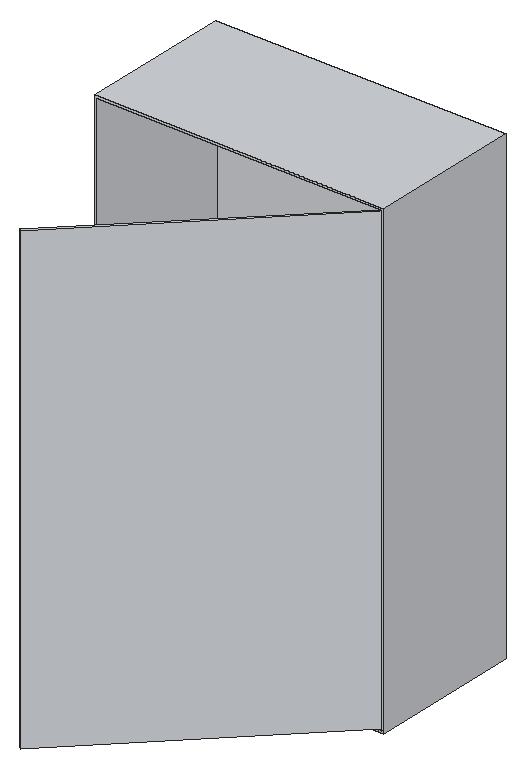
Revit family "Hager-Vector-IP65-vuoto-NoHosted-IT-it", category Electrical Equipment, Revit 2020
Family settings
  Panel Configuration = Two Columns, Circuits Across
  Round Connector Dimension = Use Diameter
  Part Type = Panelboard
  Work Plane-Based = Yes
  Always vertical = Yes
  Cut with Voids When Loaded = No
  Shared = No
  Room Calculation Point = No
Parameters (values of type "A parete IP65 L400 A650 P210 0 Unità di divisione - VP72G")
  Width Control [instance] = if([HG000006 - Ad incasso], if([EF000846 - larghezza di montaggio] > min_whd, [EF000846 - larghezza di montaggio], min_whd), if([EF000008 - Larghezza] > min_whd, ([EF000008 - Larghezza]), min_whd))  # 400 mm
  Void Depth [instance] = if([EF000218 - profondità di incasso] > 1 mm, [EF000218 - profondità di incasso], 1 mm)  # 210 mm
  Type Comments = [HG000003 - Gamma]  # "Vector"
  System Height [instance] = Height Control - 2 * [HG000005 - Spessore]  # 644 mm
  Panel Name [instance] = ""  # (empty or 0)
  Offset [instance] = 0 mm
  Model = [HG000004 - Codice produttore]  # "VP72G"
  Level Offset [instance] = [Flush Mounted - Door Frame Width] + Offset  # 0 mm
  HG000017 - Distanza tra i poli = 18 mm
  HG000016 - Visibilità delle porte nella vista 3D [instance] = yes
  HG000015 - Visibilità attraverso la porta [instance] = no
  HG000014 - Porta destra [instance] = yes
  HG000013 - Porta sinistra [instance] = not([HG000014 - Porta destra])  # no
  HG000012 - Angolo di apertura della porta [instance] = 45.00°
  HG000011 - File vuote nella parte basse = no
  HG000010 - Porte asimmetriche = no
  HG000009 - Porta doppia a battente = no
  HG000008 - Numero di file vuote = 0
  HG000007 - Numero di colonne vuote = 0
  HG000006 - Ad incasso = no
  HG000005 - Spessore = 3 mm  # constant formula
  HG000004 - Codice produttore = "VP72G"
  HG000003 - Gamma = "Vector"
  HG000002 - Con porta = yes
  HG000001 - Numero di colonne = 0
  EF015941 - Segnale di passaggio porta = no
  EF015777 - Morsettiera neutra = no
  EF015776 - Morsettiera di terra = no
  EF009212 - esecuzione coperchio = "EV000116 - chiuso"
  EF006306 - con serratura = yes
  EF006244 - coperchio/porta trasparente = no
  EF005474 - grado di protezione (IP) = "EV006421 - IP65"
  EF004462 - tipo di chiusura = "EV000154 - altri"
  EF002950 - Numero moduli DIN = 0
  EF001596 - Attacco Lampada = "EV000139 - plastica"
  EF001134 - barra DIN = no
  EF001131 - profondità interna = 210 mm
  EF001088 - possibilità di applicazione = yes
  EF001062 - esecuzione EMC = yes
  EF000846 - larghezza di montaggio = 0 mm
  EF000339 - tipo di copertura = "EV004216 - porta"
  EF000332 - Altezza della parte incassata = 0 mm
  EF000266 - numero di file = 0
  EF000218 - profondità di incasso = 210 mm
  EF000118 - con piastra di montaggio = no
  EF000116 - numero RAL = "7035"
  EF000049 - profondità = 210 mm
  EF000040 - Altezza = 650 mm
  EF000008 - Larghezza = 400 mm
  EF000007 - colore = "EV000270 - grigio"
  EF000003 - Tipo di montaggio = "EV000384 - A parete"
  Description = ""
  Default Elevation = 1219.2 mm
  Arrow Offset [instance] = Depth Control / 8  # 26.25 mm
  Arrow Height [instance] = Depth Control - Arrow Offset  # 183.75 mm
  Host Offset [instance] = if([HG000006 - Ad incasso], 0 mm, [EF000049 - profondità])  # 210 mm
  min_whd [instance] = (2 * [HG000005 - Spessore]) + 1 mm  # 7 mm
  Manufacturer = "Hager"  # constant formula
  Height Control [instance] = if([HG000006 - Ad incasso], if([EF000332 - Altezza della parte incassata] > min_whd, [EF000332 - Altezza della parte incassata], min_whd), if([EF000040 - Altezza] > min_whd, ([EF000040 - Altezza]), min_whd))  # 650 mm
  Flush Mounted - Door Frame Width [instance] = if(([EF000040 - Altezza] - [EF000332 - Altezza della parte incassata]) > 0 mm, if([HG000006 - Ad incasso], [EF000040 - Altezza] - [EF000332 - Altezza della parte incassata], 0 mm), 0 mm)  # 0 mm
  Depth Control [instance] = if([HG000006 - Ad incasso], if([EF000218 - profondità di incasso] > 0 mm, [EF000218 - profondità di incasso], 1 mm), if([EF000049 - profondità] > 0 mm, ([EF000049 - profondità]), 1 mm))  # 210 mm
Types (4, lengths in mm): name | Width Control | Void Depth | System Height | Model | HG000004 - Codice produttore | EF001131 - profondità interna | EF000218 - profondità di incasso | EF000118 - con piastra di montaggio | EF000049 - profondità | EF000040 - Altezza | EF000008 - Larghezza | Arrow Offset | Arrow Height | Host Offset | Height Control | Depth Control
  A parete IP65 L250 A350 P160 0 Unità di divisione - VP20G | 250 | 160 | 344 | "VP20G" | "VP20G" | 160 | 160 | yes | 160 | 350 | 250 | 20 | 140 | 160 | 350 | 160
  A parete IP65 L300 A500 P160 0 Unità di divisione - VP36G | 300 | 160 | 494 | "VP36G" | "VP36G" | 160 | 160 | no | 160 | 500 | 300 | 20 | 140 | 160 | 500 | 160
  A parete IP65 L400 A500 P210 0 Unità di divisione - VP54G | 400 | 210 | 494 | "VP54G" | "VP54G" | 210 | 210 | no | 210 | 500 | 400 | 26.25 | 183.75 | 210 | 500 | 210
  A parete IP65 L400 A650 P210 0 Unità di divisione - VP72G | 400 | 210 | 644 | "VP72G" | "VP72G" | 210 | 210 | no | 210 | 650 | 400 | 26.25 | 183.75 | 210 | 650 | 210
Reference planes
  plane 1 "Center (Front/Back)": y = 0
  plane 2: z = 0
  plane 3 "Center (Left/Right)": x = 0
  plane 4: y = 3
  plane 5: y = 0
  plane 6: y = 0
  plane 7: z = 0
  plane 8: x = -200
  plane 9: x = 200
  plane 10: x = 197
  plane 11: x = -197
  plane 12: z = 0
  plane 13: z = 3
  plane 14: y = -205
  plane 15: y = -210
  plane 16: y = -3
  plane 17: z = 647
  plane 18: z = 650
  plane 19: z = 325
  plane 20: x = 0
  plane 21: y = -100
Forms (mm)
  Extrusion 1, solid
    sketch origin (-208.679, -4572, 0) x (-1, 0, 0) y (0, -1, 0)
      loop
        line (-8.679, -4362) -> (-408.679, -4362) -> (-408.679, -4572) -> (-8.679, -4572) -> (-8.679, -4362)
    from 0 to 650 <- "Height Control"
  Extrusion 2, void
    sketch origin (-350.771, -210, 1219.2) x (1, 0, 0) y (0, 0, 1)
      loop
        line (153.771, -572.2) -> (153.771, -1216.2) -> (547.771, -1216.2) -> (547.771, -572.2) -> (153.771, -572.2)
    from 0 to -207
  Extrusion 3, solid, detail levels coarse+medium
    sketch origin (-350.771, -210, 1219.2) x (-1, 0, 0) y (0, 0, 1)
      loop
        line (-153.771, -572.2) -> (-547.771, -572.2) -> (-547.771, -1216.2) -> (-153.771, -1216.2) -> (-153.771, -572.2)
    from 0 to 3 <- "HG000005 - Spessore"
Cuts and joins
  Extrusion 2 cuts Extrusion 1
Dimensions and locks
  "Flush Mounted - Door Frame Width": plane 1 "Center (Front/Back)" to plane 6
  "HG000005 - Spessore": plane 4 to plane 6
  "HG000005 - Spessore": plane 8 to plane 11
  "HG000005 - Spessore": plane 9 to plane 10
  equal spacing: plane 8, plane 3 "Center (Left/Right)", plane 9
  "Width Control": plane 8 to plane 9
  locked: plane 14 to plane 15 at 5
  "Host Offset": plane 1 "Center (Front/Back)" to plane 15
  "Depth Control": plane 5 to plane 15
  "HG000005 - Spessore": plane 5 to plane 16
  "HG000005 - Spessore": plane 13 to plane 12
  "Level Offset": plane 12 to level
  "HG000005 - Spessore": plane 18 to plane 17
  "Height Control": plane 18 to plane 12
  "Arrow Offset": plane 5 to nested 4
  equal spacing: plane 18, plane 19, plane 12
  locked: connector elem to plane 19
  locked: connector elem to plane 3 "Center (Left/Right)"
  aligned and locked: nested 1 to plane 14
  aligned and locked: plane 3 "Center (Left/Right)" to nested 1
  aligned and locked: plane 3 "Center (Left/Right)" to nested 2
  aligned and locked: nested 2 to plane 15
  aligned and locked: plane 5 to Extrusion 1
  aligned and locked: Extrusion 3 sketch curve to plane 17
  aligned and locked: Extrusion 3 sketch curve to plane 11
  aligned and locked: plane 13 to Extrusion 3 sketch curve
  aligned and locked: Extrusion 3 sketch curve to plane 10
  aligned and locked: plane 13 to Extrusion 2 sketch curve
  aligned and locked: Extrusion 2 sketch curve to plane 10
  aligned and locked: Extrusion 2 sketch curve to plane 17
  aligned and locked: Extrusion 2 sketch curve to plane 11
  aligned and locked: plane 16 to Extrusion 2
  aligned and locked: plane 5 to Extrusion 1 sketch curve
  aligned and locked: plane 9 to Extrusion 1 sketch curve
  aligned and locked: plane 8 to Extrusion 1 sketch curve
  aligned and locked: plane 8 to nested 4
  aligned and locked: plane 8 to nested 3
  aligned and locked: nested 3 to plane 5
  aligned and locked: Extrusion 1 sketch curve to plane 15
  aligned and locked: Extrusion 2 to plane 15
Nested families
  nested 1: "Hager_Enclosure_System" at (0, -205, 3), Flush_Mounted <- "HG000006 - Ad incasso", Width <- "EF000008 - Larghezza", Height <- "System Height", Width_Control <- "Width Control", Row_Module_Multiplicator <- "EF002950 - Numero moduli DIN", Empty_Columns <- "HG000007 - Numero di colonne vuote", Built-in_Width <- "EF000846 - larghezza di montaggio", Border <- "HG000005 - Spessore", Total_No_Empty_Rows <- "HG000008 - Numero di file vuote", Depth <- "HG000005 - Spessore", Empty_Rows_From_Bottom <- "HG000011 - File vuote nella parte basse", Distance_Between_Poles <- "HG000017 - Distanza tra i poli", Rows_Count <- "EF000266 - numero di file", Columns_Count <- "HG000001 - Numero di colonne", type "Hager_Enclosure_System", detail levels medium+fine
    with Width_Control 400 mm, Width 400 mm, Total_No_Rows 0, Total_No_Empty_Rows 0, Total_No_Columns 1, System_Width 394 mm, Rows_Count 0, Rows_Column 0, Row_Module_Multiplicator 0, Panel_4 no, Panel_3 no, Panel_2 no, Panel_1 no, No_Panels_Ctrl 1, Hide_Columns yes, Height 644 mm, Flush_Mounted no, Empty_Rows_From_Bottom no, Empty_Rows_Column 0, Empty_Columns 0, Distance_Between_Poles 18 mm, Depth 3 mm, Columns_Count 0, Column_Width 394 mm, Built-in_Width 0 mm, Border 3 mm
  nested 2: "Hager_Enclosure_Door" at (0, -210, 0), Double <- "HG000009 - Porta doppia a battente", Height_Ctrl <- "Height Control", Transparent <- "EF006244 - coperchio/porta trasparente", Depth <- "EF000049 - profondità", Height <- "EF000040 - Altezza", Angle <- "HG000012 - Angolo di apertura della porta", Door_Right <- "HG000014 - Porta destra", Assymetrical <- "HG000010 - Porte asimmetriche", Flush_Mounted <- "HG000006 - Ad incasso", BuiltIn_Depth <- "EF000218 - profondità di incasso", BuiltIn_Width <- "EF000846 - larghezza di montaggio", Door <- "HG000002 - Con porta", Width_Ctrl <- "Width Control", 3d_Door <- "HG000016 - Visibilità delle porte nella vista 3D", Width <- "EF000008 - Larghezza", Border <- "HG000005 - Spessore", BuiltIn_Height <- "EF000332 - Altezza della parte incassata", Clearance <- "HG000015 - Visibilità attraverso la porta", Door_Left <- "HG000013 - Porta sinistra", type "Hager_Enclosure_Door", detail levels medium+fine
    with min_wh 7 mm, Width_Ctrl 400 mm, Width 400 mm, Transparent_Door_No_Bottom_Border no, Transparent no, Leaf_Width 391 mm, Leaf_Tolerance 1.5 mm, Leaf_Height 641 mm, Leaf_2_Width 391 mm, Leaf_2_Offset 195.5 mm, Leaf_1_Width 391 mm, Leaf_1_Offset 195.5 mm, Height_Ctrl 650 mm, Height 650 mm, Frame_Width_Ctrl 400 mm, Frame_Width 400 mm, Frame_Internal_Offset 0 mm, Frame_Height_Ctrl 650 mm, Frame_Height 650 mm, Frame_Depth_Ctrl 1 mm, Frame_Depth 0 mm, Flush_Mounted no, Double_Clearance_Ctrl no, Double no, Door_Right_Ctrl yes, Door_Right yes, Door_Left_Ctrl no, Door_Left no, Door yes, Depth 210 mm, Clearance_Depth 391 mm, Clearance_Ctrl no, Clearance no, BuiltIn_Width 0 mm, BuiltIn_Height 0 mm, BuiltIn_Depth 210 mm, Border 3 mm, Assymetrical no, Angle 45.00°, 3d_Door yes
  nested 3: "Hager_Enclosure_Symbol_Triangle" at (-200, 0, 0), Depth <- "Depth Control", Width <- "Width Control", type "Hager_Enclosure_Symbol_Triangle"
    with Width_Ctrl 400 mm, Width 400 mm, Depth_Ctrl 210 mm, Depth 210 mm
  nested 4: "Hager_Enclosure_Symbol_Arrow" at (-200, -26.25, 0), Height <- "Arrow Height", type "Hager_Enclosure_Symbol_Arrow"
    with Width_Inside 13.781 mm, Width 165.375 mm, Height_Ctrl 183.75 mm, Height 183.75 mm
Connectors
  electrical at (0, 0, 325)
    settings: on plane 5, index 1, voltage 0 V, apparent load 0 VA, apparent load phase1 0 VA, apparent load phase2 0 VA, apparent load phase3 0 VA, power factor 1, load classification "Other", number of poles 1, system type 30, power factor state 1, is connector primary yes, connector utility no, sub classification motor no, connector description ""
Definition of nested family "Hager_Enclosure_Door"
  Parameters (values of type "Hager_Enclosure_Door")
    min_wh [instance] = (2 * Border) + 1 mm  # 11 mm
    Width_Ctrl [instance] = 400 mm
    Width [instance] = 500 mm
    Transparent_Door_No_Bottom_Border [instance] = no
    Transparent [instance] = yes
    Leaf_Width [instance] = if((Width_Ctrl - 2 * Border - 2 * Leaf_Tolerance) > 0 mm, (Width_Ctrl - 2 * Border - 2 * Leaf_Tolerance), min_wh)  # 387 mm
    Leaf_Tolerance [instance] = 1.5 mm  # constant formula
    Leaf_Height [instance] = if((Height_Ctrl - 2 * Border - 2 * Leaf_Tolerance) > 0 mm, (Height_Ctrl - 2 * Border - 2 * Leaf_Tolerance), min_wh)  # 387 mm
    Leaf_2_Width [instance] = if(and(and(Double, Assymetrical), Door_Left), (Leaf_Width / 3) - (Leaf_Tolerance / 2), if(and(and(Double, Assymetrical), Door_Right), (Leaf_Width / 3) * 2 - (Leaf_Tolerance / 2), if(and(Double, not(Assymetrical)), (Leaf_Width / 2) - Leaf_Tolerance, Leaf_Width)))  # 387 mm
    Leaf_2_Offset [instance] = if(and(Double, Assymetrical), Leaf_2_Width / 2, if(and(Double, not(Assymetrical)), Leaf_Width / 4, Leaf_Width / 2))  # 193.5 mm
    Leaf_1_Width [instance] = if(and(and(Double, Assymetrical), Door_Right), (Leaf_Width / 3) - (Leaf_Tolerance / 2), if(and(and(Double, Assymetrical), Door_Left), (Width / 3) * 2 - (Leaf_Tolerance / 2), if(and(Double, not(Assymetrical)), (Leaf_Width / 2) - Leaf_Tolerance, Leaf_Width)))  # 387 mm
    Leaf_1_Offset [instance] = if(and(Double, Assymetrical), Leaf_1_Width / 2, if(and(Double, not(Assymetrical)), Leaf_Width / 4, Leaf_Width / 2))  # 193.5 mm
    Height_Ctrl [instance] = 400 mm
    Height [instance] = 500 mm
    Frame_Width_Ctrl [instance] = if(Frame_Width > 0 mm, Frame_Width, 1 mm)  # 1 mm
    Frame_Width [instance] = Width - BuiltIn_Width  # 0 mm
    Frame_Internal_Offset [instance] = if(Flush_Mounted, Border, 0 mm)  # 5 mm
    Frame_Height_Ctrl [instance] = if(Frame_Height > 0 mm, Frame_Height, 1 mm)  # 1 mm
    Frame_Height [instance] = Height - BuiltIn_Height  # 0 mm
    Frame_Depth_Ctrl [instance] = if(Frame_Depth > 0 mm, Frame_Depth, 1 mm)  # 1 mm
    Frame_Depth [instance] = if(Depth - BuiltIn_Depth > 0 mm, if(Flush_Mounted, Depth - BuiltIn_Depth, 0 mm), 0 mm)  # 0 mm
    Flush_Mounted [instance] = yes
    Double_Clearance_Ctrl [instance] = and(Double, Clearance)  # no
    Double [instance] = no
    Door_Right_Ctrl [instance] = and(or(Door_Right, Double), Door)  # yes
    Door_Right [instance] = yes
    Door_Left_Ctrl [instance] = and(or(Door_Left, Double), Door)  # no
    Door_Left [instance] = no
    Door [instance] = yes
    Depth [instance] = 500 mm
    Default Elevation = 1219.2 mm
    Clearance_Material = none
    Clearance_Depth [instance] = if(Leaf_1_Width > Leaf_2_Width, Leaf_1_Width, Leaf_2_Width)  # 387 mm
    Clearance_Ctrl [instance] = and(not(Double), Clearance)  # yes
    Clearance [instance] = yes
    BuiltIn_Width [instance] = 500 mm
    BuiltIn_Height [instance] = 500 mm
    BuiltIn_Depth [instance] = 500 mm
    Border [instance] = 5 mm
    Assymetrical [instance] = yes
    Angle [instance] = 30.00°
    3d_Door [instance] = yes
  Reference planes
    plane 1 "Center (Front/Back)": y = 0
    plane 2 "Bottom": z = 0
    plane 3 "Center (Left/Right)": x = 0
    plane 4: z = 400
    plane 5: x = -200
    plane 6: x = 200
    plane 7: z = 395
    plane 8: x = -195
    plane 9: z = 5
    plane 10: x = 195
    plane 11: y = 0
    plane 12: z = 6.5
    plane 13: x = -582
    plane 14: y = -387
    plane 15: x = 582
    plane 16: x = 0
    plane 17: x = 0
    plane 18: x = -193.5
    plane 19: x = 193.5
    plane 20: z = 393.5
  Forms (mm)
    Extrusion 1, solid, visible <- "Flush_Mounted"
      sketch origin (0, 0, 0) x (1, 0, 0) y (0, 0, 1)
        loop
          line (195, 5) -> (195, 395) -> (-195, 395) -> (-195, 5) -> (195, 5)
        loop
          line (-201, 401) -> (-201, -1) -> (201, -1) -> (201, 401) -> (-201, 401)
      from 0 to 1 <- "Frame_Depth_Ctrl"
    Extrusion 2, solid, material <- "Clearance_Material", visible <- "Double_Clearance_Ctrl"
      sketch origin (1200, 0, 0) x (1, 0, 0) y (0, 0, -1)
        loop
          line (-1782, -393.5) -> (-618, -393.5) -> (-618, 0) -> (-1782, 0) -> (-1782, -393.5)
      from 0 to -387
  Dimensions and locks
    equal spacing: plane 5, plane 3 "Center (Left/Right)", plane 6
    "Width_Ctrl": plane 5 to plane 6
    "Border": plane 5 to plane 8
    "Border": plane 6 to plane 10
    "Border": plane 9 to level
    "Border": plane 4 to plane 7
    "Height_Ctrl": plane 4 to level
    "Leaf_Tolerance": plane 12 to plane 9
    "Frame_Depth": plane 11 to plane 1 "Center (Front/Back)"
    "Frame_Width_Ctrl": plane 5 to Extrusion 1 sketch curve
    "Frame_Width_Ctrl": plane 6 to Extrusion 1 sketch curve
    "Frame_Width_Ctrl": Extrusion 1 sketch curve to plane 4
    "Frame_Width_Ctrl": plane 2 "Bottom" to Extrusion 1 sketch curve
    "Leaf_1_Offset": plane 18 to plane 16
    "Leaf_2_Offset": plane 17 to plane 19
    "Leaf_1_Width": plane 13 to plane 8
    "Leaf_2_Width": plane 10 to plane 15
    "Clearance_Depth": plane 14 to plane 1 "Center (Front/Back)"
    "Leaf_Tolerance": plane 8 to plane 18
    "Leaf_Tolerance": plane 19 to plane 10
    "Leaf_Tolerance": plane 7 to plane 20
    "Frame_Internal_Offset": plane 5 to Extrusion 1 sketch curve
    "Frame_Internal_Offset": Extrusion 1 sketch curve to plane 2 "Bottom"
    "Frame_Internal_Offset": plane 6 to Extrusion 1 sketch curve
    "Frame_Internal_Offset": plane 4 to Extrusion 1 sketch curve
    aligned and locked: level to plane 2 "Bottom"
    aligned and locked: nested 1 to plane 16
    aligned and locked: nested 2 to plane 17
    aligned and locked: Extrusion 2 to plane 13
    aligned and locked: plane 15 to Extrusion 2
    aligned and locked: Extrusion 2 to plane 14
    aligned and locked: plane 12 to nested 1
    aligned and locked: nested 2 to plane 12
    aligned and locked: Extrusion 2 to plane 11
    aligned and locked: plane 20 to Extrusion 2
    aligned and locked: nested 2 to plane 11
    aligned and locked: nested 1 to plane 11
  Automatic sketch dimensions
    Extrusion 2 sketch curve to level = 0 mm
    plane 5 to Extrusion 2 sketch curve = 382 mm
    plane 6 to Extrusion 2 sketch curve = 382 mm
    Extrusion 2 sketch curve to plane 4 = 6.5 mm
  Nested families
    nested 1: "Hager_Enclosure_Door_Leaf" at (0, 0, 6.5), Width <- "Leaf_1_Width", visible <- "Door_Left_Ctrl", Leaf_Height <- "Leaf_Height", Angle <- "Angle", Depth <- "Border", 3d_Door <- "3d_Door", Transparent <- "Transparent", Clearance Material <- "Clearance_Material", Clearance <- "Clearance_Ctrl", Transparent_Door_No_Bottom_Border <- "Transparent_Door_No_Bottom_Border", type "Hager_Enclosure_Door_Leaf"
      with Width 387 mm, Transparent_Door_No_Bottom_Border no, Transparent_Door_Border_Bottom_Top 25 mm, Transparent_Door_Border 25 mm, Transparent_Ctrl yes, Transparent yes, Standard no, Leaf_Height 387 mm, Glass_Offset 1 mm, Depth 5 mm, Clearance Material none, Clearance yes, Angle_Ctrl 30.00°, Angle 30.00°, 3d_Door yes
    nested 2: "Hager_Enclosure_Door_Leaf" at (0, 0, 6.5) x (-1, 0, 0) z (0, 0, 1), Width <- "Leaf_2_Width", visible <- "Door_Right_Ctrl", Leaf_Height <- "Leaf_Height", Angle <- "Angle", Depth <- "Border", 3d_Door <- "3d_Door", Transparent <- "Transparent", Clearance Material <- "Clearance_Material", Clearance <- "Clearance_Ctrl", Transparent_Door_No_Bottom_Border <- "Transparent_Door_No_Bottom_Border", type "Hager_Enclosure_Door_Leaf"
      with Width 387 mm, Transparent_Door_No_Bottom_Border no, Transparent_Door_Border_Bottom_Top 25 mm, Transparent_Door_Border 25 mm, Transparent_Ctrl yes, Transparent yes, Standard no, Leaf_Height 387 mm, Glass_Offset 1 mm, Depth 5 mm, Clearance Material none, Clearance yes, Angle_Ctrl 30.00°, Angle 30.00°, 3d_Door yes
  Definition of nested family "Hager_Enclosure_Door_Leaf"
    Parameters (values of type "Hager_Enclosure_Door_Leaf")
      Width [instance] = 2000 mm
      Transparent_Door_No_Bottom_Border [instance] = yes
      Transparent_Door_Border_Bottom_Top [instance] = if(Transparent_Door_No_Bottom_Border, 0.1 mm, Transparent_Door_Border)  # 0.1 mm
      Transparent_Door_Border [instance] = if(Transparent_Door_No_Bottom_Border, (Width * 0.12), 25 mm)  # 240 mm
      Transparent_Ctrl [instance] = and(Transparent, [3d_Door])  # yes
      Transparent [instance] = yes
      Standard [instance] = and(not(Transparent), [3d_Door])  # no
      Leaf_Height [instance] = 2720.336 mm
      Glass_Offset [instance] = if((Depth - 10 mm) / 2 > 0 mm, (Depth - 10 mm) / 2, 1 mm)  # 15 mm
      Glass_Material = none
      Depth [instance] = 40 mm
      Default Elevation = 0 mm
      Clearance Material [instance] = none
      Clearance [instance] = yes
      Angle_Ctrl [instance] = if(Angle > 170.00°, 170.00°, Angle)  # 45.00°
      Angle [instance] = 45.00°
      3d_Door [instance] = yes
    Reference planes
      plane 1 "Center (Front/Back)": y = 0
      plane 2: z = 0
      plane 3 "Center (Left/Right)": x = 0
      plane 4: y = 2000
      plane 5: x = -1000
      plane 6: x = 1000
      plane 7: x = -3000
      plane 8: z = 2720.336
      plane 9: z = 0.1
      plane 10: z = 2720.236
      plane 11: x = 760
      plane 12: x = -760
    Forms (mm)
      Extrusion 1, solid, material <- "Clearance Material", visible <- "Clearance"
        sketch origin (0, 0, 0) x (1, 0, 0) y (0, 0, 1)
          loop
            line (-3000, 2720.336) -> (-3000, 0) -> (1000, 0) -> (1000, 2720.336) -> (-3000, 2720.336)
        from 0 to -2000
      Extrusion 2, solid, visible <- "Standard", detail levels medium+fine
        sketch origin (-1000, 0, 0) x (0.707107, 0.707107, 0) y (-0.707107, 0.707107, 0)
          loop
            line (0, -40) -> (2000, -40) -> (2000, 0) -> (0, 0) -> (0, -40)
        from 0 to 2720.336 <- "Leaf_Height"
      Extrusion 3, solid, visible <- "Transparent_Ctrl", detail levels medium+fine
        sketch origin (-1000, 0, 0) x (0.707107, 0.707107, 0) y (-0.707107, 0.707107, 0)
          loop
            line (0, -40) -> (2000, -40) -> (2000, 0) -> (0, 0) -> (0, -40)
        from 0 to 2720.336 <- "Leaf_Height"
      Extrusion 4, void, detail levels medium+fine
        sketch origin (-1000, 0, 0) x (-0.707107, 0.707107, 0) y (0.707107, 0.707107, 0)
          loop
            line (0, 240) -> (0, 1760) -> (-40, 1760) -> (-40, 240) -> (0, 240)
        from -2720.236 to -0.1
      Extrusion 5, solid, material <- "Glass_Material", visible <- "Transparent_Ctrl", detail levels medium+fine
        sketch origin (-1000, 0, 0) x (0.707107, 0.707107, 0) y (-0.707107, 0.707107, 0)
          loop
            line (240, -15) -> (240, -25) -> (1760, -25) -> (1760, -15) -> (240, -15)
        from 0.1 to 2720.236
    Cuts and joins
      Extrusion 4 cuts Extrusion 3
    Lines and regions (mm)
      symbolic lines
        curve 1: line (1000, 0, 0) -> (-3000, 0, 0)
        curve 2: arc (1000, 0, 0) -> (-1000, 2000, 0) -> (-3000, 0, 0) r 2000
        curve 4: line (-1000, 0, 0) -> (414.214, 1414.214, 0)
      reference lines
        curve 3: line (-1000, 0, 0) -> (414.214, 1414.214, 0)
      symbolic lines, detail levels medium+fine
        curve 5: line (414.214, 1414.214, 0) -> (442.498, 1385.929, 0)
        curve 6: line (442.498, 1385.929, 0) -> (-971.716, -28.284, 0)
        curve 7: line (-971.716, -28.284, 0) -> (-1000, 0, 0)
        curve 8: line (-1000, 0, 2720.336) -> (1000, 0, 2720.336)
        curve 9: line (-1000, 0, 0) -> (-1000, 0, 2720.336)
        curve 10: line (1000, 0, 0) -> (-1000, 0, 0)
        curve 11: line (1000, 0, 2720.336) -> (1000, 0, 0)
      symbolic lines, visible <- "Transparent_Ctrl", detail levels medium+fine
        curve 12: line (-760, 0, 2720.236) -> (760, 0, 2720.236)
        curve 13: line (-760, 0, 0.1) -> (-760, 0, 2720.236)
        curve 14: line (760, 0, 0.1) -> (-760, 0, 0.1)
        curve 15: line (760, 0, 2720.236) -> (760, 0, 0.1)
    Dimensions and locks
      "Width": plane 1 "Center (Front/Back)" to plane 4
      equal spacing: plane 5, plane 3 "Center (Left/Right)", plane 6
      "Width": plane 5 to plane 6
      "Width": plane 7 to plane 5
      "Leaf_Height": plane 8 to level
      "Depth": curve 6 to curve 3
      "Width": curve 5 to curve 3
      "Width": curve 3 to curve 3
      "Transparent_Door_Border": Extrusion 4 sketch curve to curve 7
      "Transparent_Door_Border": Extrusion 4 sketch curve to curve 5
      "Transparent_Door_Border_Bottom_Top": plane 8 to plane 10
      "Transparent_Door_Border_Bottom_Top": plane 9 to level
      "Glass_Offset": Extrusion 5 sketch curve to curve 4
      "Glass_Offset": Extrusion 5 sketch curve to curve 6
      "Transparent_Door_Border": Extrusion 5 sketch curve to curve 5
      "Transparent_Door_Border": Extrusion 5 sketch curve to curve 7
      "Transparent_Door_Border": plane 12 to plane 5
      "Transparent_Door_Border": plane 6 to plane 11
      "Angle_Ctrl": angle plane 1 "Center (Front/Back)" to curve 3
      aligned and locked: level to plane 2
      aligned and locked: Extrusion 1 to curve 1
      aligned and locked: plane 6 to Extrusion 1
      aligned and locked: Extrusion 1 to plane 1 "Center (Front/Back)"
      aligned and locked: plane 4 to Extrusion 1
      aligned and locked: plane 8 to Extrusion 1
      aligned and locked: curve 4 to curve 3
      aligned and locked: Extrusion 2 sketch curve to curve 7
      aligned and locked: Extrusion 2 sketch curve to curve 6
      aligned and locked: Extrusion 2 sketch curve to curve 5
      aligned and locked: Extrusion 2 sketch curve to curve 3
      aligned and locked: curve 7 to Extrusion 3 sketch curve
      aligned and locked: Extrusion 3 sketch curve to curve 4
      aligned and locked: Extrusion 3 sketch curve to curve 6
      aligned and locked: Extrusion 3 sketch curve to curve 5
      aligned and locked: curve 4 to Extrusion 4 sketch curve
      aligned and locked: curve 6 to Extrusion 4 sketch curve
      aligned and locked: Extrusion 4 to plane 9
      aligned and locked: Extrusion 4 to plane 10
      aligned and locked: Extrusion 5 to plane 9
      aligned and locked: Extrusion 5 to plane 10
      aligned and locked: curve 8 to plane 8
      aligned and locked: plane 5 to curve 9
      aligned and locked: plane 2 to curve 10
      aligned and locked: curve 11 to plane 6
      aligned and locked: plane 10 to curve 12
      aligned and locked: plane 12 to curve 13
      aligned and locked: curve 14 to plane 9
      aligned and locked: plane 11 to curve 15
    Automatic sketch dimensions
      plane 1 "Center (Front/Back)" to curve 2 = 0 mm
      curve 2 to plane 5 = 0 mm
      Extrusion 1 sketch curve to level = 0 mm
      Extrusion 1 sketch curve to plane 7 = 0 mm
      Extrusion 1 sketch curve to plane 6 = 0 mm
      Extrusion 1 sketch curve to plane 8 = 0 mm
      plane 1 "Center (Front/Back)" to curve 3 = 0 mm
      curve 3 to plane 5 = 0 mm
      curve 7 to curve 3 = 0 mm
Definition of nested family "Hager_Enclosure_Symbol_Triangle"
  Parameters (values of type "Hager_Enclosure_Symbol_Triangle")
    Width_Ctrl [instance] = if(Width > 1 mm, Width, 1 mm)  # 498 mm
    Width [instance] = 498 mm
    Depth_Ctrl [instance] = if(Depth > 1 mm, Depth, 1 mm)  # 72 mm
    Depth [instance] = 72 mm
  Reference planes
    plane 1 "Centre (avant/arrière)": y = 0
    plane 2: z = 0
    plane 3 "Centre (gauche/droite)": x = 0
  Lines and regions (mm)
    Filled region 1, type "Solid_Black", in view "Niveau de réf."
      outline origin (0, 0, 0) x (1, 0, 0) y (0, 1, 0)
        loop
          line (0, 0) -> (498, 0) -> (498, 72) -> (0, 0)
    reference lines, in view "Niveau de réf."
      curve 1: line (-206.153, 72, 0) -> (1083.258, 72, 0)
      curve 2: line (498, 405.456, 0) -> (498, -517.619, 0)
  Dimensions and locks
    "Depth_Ctrl": plane 1 "Centre (avant/arrière)" to curve 1
    "Width_Ctrl": plane 3 "Centre (gauche/droite)" to curve 2
    aligned and locked: curve 1 to Filled region 1 sketch curve
    aligned and locked: Filled region 1 sketch curve to plane 1 "Centre (avant/arrière)"
    aligned and locked: curve 2 to Filled region 1 sketch curve
    aligned and locked: plane 3 "Centre (gauche/droite)" to Filled region 1 sketch curve
    aligned and locked: plane 1 "Centre (avant/arrière)" to Filled region 1 sketch curve
  Automatic sketch dimensions
    curve 1 to plane 3 "Centre (gauche/droite)" = 206.153 mm
    curve 2 to curve 1 = 585.258 mm
    plane 1 "Centre (avant/arrière)" to curve 2 = 517.619 mm
    curve 2 to plane 1 "Centre (avant/arrière)" = 405.456 mm
Definition of nested family "Hager_Enclosure_Symbol_Arrow"
  Parameters (values of type "Hager_Enclosure_Symbol_Arrow")
    Width_Inside [instance] = if(Width / 12 > 2 mm, Width / 12, 2 mm)  # 4.987 mm
    Width [instance] = if(Height_Ctrl * 0.9 > 2 mm, Height_Ctrl * 0.9, 2 mm)  # 59.85 mm
    Height_Ctrl [instance] = if(Height > 2 mm, Height, 2 mm)  # 66.5 mm
    Height [instance] = 66.5 mm
  Reference planes
    plane 1 "Centre (avant/arrière)": y = 0
    plane 2: z = 0
    plane 3 "Centre (gauche/droite)": x = 0
    plane 4: x = 59.85
    plane 5: y = 28.263
    plane 6: y = 38.238
    plane 7: y = 66.5
    plane 8: x = 29.925
    plane 9: y = 33.25
  Lines and regions (mm)
    Filled region 1, type "Solid_Black", in view "Niveau de réf."
      outline origin (0, 0, 0) x (1, 0, 0) y (0, 1, 0)
        loop
          line (59.85, 66.5) -> (37.929, 52.827) -> (51.846, 41.935) -> (59.85, 66.5)
    detail lines, in view "Niveau de réf."
      curve 1: line (0, 0, 0) -> (29.925, 38.238, 0)
      curve 2: line (29.925, 38.238, 0) -> (29.925, 28.263, 0)
      curve 3: line (29.925, 28.263, 0) -> (59.85, 66.5, 0)
  Dimensions and locks
    "Width": plane 3 "Centre (gauche/droite)" to plane 4
    "Height_Ctrl": plane 7 to plane 1 "Centre (avant/arrière)"
    equal spacing: plane 3 "Centre (gauche/droite)", plane 8, plane 4
    equal spacing: plane 7, plane 9, plane 1 "Centre (avant/arrière)"
    equal spacing: plane 6, plane 9, plane 5
    "Width_Inside": plane 6 to plane 9
    equal spacing: curve 3, Filled region 1 sketch curve, Filled region 1 sketch curve
    angle Filled region 1 sketch curve to curve 3 = 20.00°
    angle curve 3 to Filled region 1 sketch curve = 20.00°
    locked: curve 3 to Filled region 1 sketch curve (angle 90.00°)
  Automatic sketch dimensions
    plane 1 "Centre (avant/arrière)" to curve 1 = 0 mm
    curve 1 to plane 3 "Centre (gauche/droite)" = 0 mm
    curve 2 to plane 6 = 0 mm
    curve 3 to plane 8 = 0 mm
    curve 3 to plane 4 = 0 mm
    curve 2 to plane 5 = 0 mm
    curve 3 to plane 7 = 0 mm
    Filled region 1 sketch curve to plane 4 = 0 mm
    Filled region 1 sketch curve to plane 7 = 0 mm
